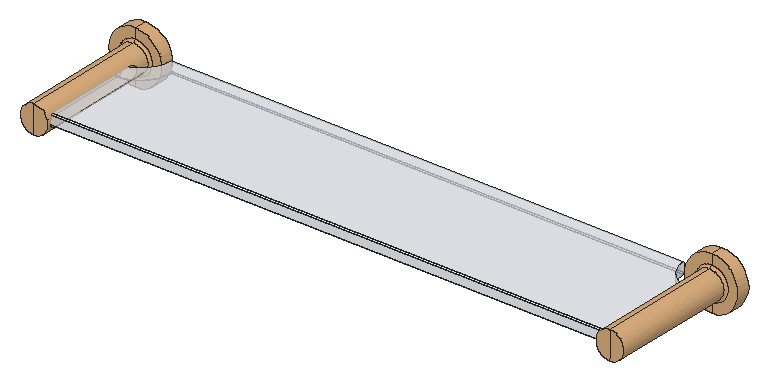
Revit family "Reece_Accessory_Sussex_Scala_Vanity Shelf", category Plumbing Fixtures, Revit 2018
Family settings
  Round Connector Dimension = Use Diameter
  Part Type = Normal
  Work Plane-Based = Yes
  Always vertical = Yes
  Cut with Voids When Loaded = Yes
  Shared = Yes
  Room Calculation Point = Yes
Parameters (values of type "Living Tumbled Brass")
  URL = "https://www.reece.com.au/product/-2285977"
  Type Comments = "Accessory"
  Reece_Product_Web Page = "https://www.reece.com.au/product/-2285977"
  Reece_Product_Type = "Accessory"  # constant formula
  Reece_Product_Sub Brand = "Scala"  # constant formula
  Reece_Product_Number = "2285977"
  Reece_Product_Mount = "Wall Mounted"
  Reece_Product_Description = "Sussex Scala Vanity Shelf Living Tumbled Brass"
  Reece_Product_Brand = "Sussex"  # constant formula
  Reece_Overall_Width = 497 mm  # constant formula
  Reece_Overall_Projection = 110 mm  # constant formula
  Reece_Material_Secondary = Reece_Safety Glass_Transparent
  Reece_Material_Main = Reece_Brass_Living Tumbled
  Reece_Height_From_Level [instance] = 800 mm
  Reece_Fixing_Point_Width = 455 mm
  Reece_Detail_Disclaimer = "THIS FILE IS THE PROPERTY OF THE REECE GROUP. IT MAY NOT BE REPRODUCED, REVERSE-ENGINEERED OR MODIFIED. ANY REPUBLICATION, TRANSMISSION OR DISTRIBUTION FOR THE PURPOSE OF COMMERCIALLY EXPLOITING THE FILES IS PROHIBITED."  # constant formula
  Reece_Detail_Additional = "Vanity Shelf"  # constant formula
  Model = "Scala"
  Manufacturer = "Sussex"
  Keynote = "Product #2285977, Reece_Accessory_Sussex_Scala_Vanity Shelf - Living Tumbled Brass"
  Disclaimer = "THIS FILE IS THE PROPERTY OF THE REECE GROUP. IT MAY NOT BE REPRODUCED, REVERSE-ENGINEERED OR MODIFIED. ANY REPUBLICATION, TRANSMISSION OR DISTRIBUTION FOR THE PURPOSE OF COMMERCIALLY EXPLOITING THE FILES IS PROHIBITED."  # constant formula
  Description = "Scala Vanity Shelf Living Tumbled Brass"
  Default Elevation = 0 mm
Types (3, lengths in mm): name | URL | Reece_Product_Web Page | Reece_Product_Number | Reece_Product_Description | Reece_Material_Main | Keynote | Description
  Living Tumbled Brass | "https://www.reece.com.au/product/-2285977" | "https://www.reece.com.au/product/-2285977" | "2285977" | "Sussex Scala Vanity Shelf Living Tumbled Brass" | Reece_Brass_Living Tumbled | "Product #2285977, Reece_Accessory_Sussex_Scala_Vanity Shelf - Living Tumbled Brass" | "Scala Vanity Shelf Living Tumbled Brass"
  Chrome | "https://www.reece.com.au/product/-2261359" | "https://www.reece.com.au/product/-2261359" | "2261359" | "Sussex Scala Vanity Shelf Chrome" | Reece_Brass_Chrome | "Product #2261359, Reece_Accessory_Sussex_Scala_Vanity Shelf - Chrome" | "Scala Vanity Shelf Chrome"
  Satin Chrome | "https://www.reece.com.au/product/-2261389" | "https://www.reece.com.au/product/-2261389" | "2261389" | "Sussex Scala Vanity Shelf Satin Chrome" | Reece_Brass_Satin Chrome | "Product #2261389, Reece_Accessory_Sussex_Scala_Vanity Shelf - Satin Chrome" | "Scala Vanity Shelf Satin Chrome"
Reference planes
  plane 1 "Center (Front/Back)": y = 0
  plane 2 "Bottom Host Plane": z = -5
  plane 3 "Center (Left/Right)": x = 0
  plane 4 "fixing point": z = 795
  plane 5: y = -110
  plane 6: x = 248.5
  plane 7: x = -248.5
  plane 8: x = -227.5
  plane 9: x = 227.5
  plane 10: z = 806
  plane 11: z = 784
  plane 12: z = 816
  plane 13: z = 774
  plane 14: y = -5
Forms (mm)
  Extrusion 1, void
    sketch origin (0, 0, 995) x (0, 0, 1) y (0, -1, 0)
      loop
        line (-205.5, 102.5) -> (-205.5, 28)
        arc (-205.5, 28) -> (-200, 22.5) -> (-194.5, 28) r 5.5
        line (-194.5, 28) -> (-194.5, 102.5)
        arc (-194.5, 102.5) -> (-200, 108) -> (-205.5, 102.5) r 5.5
    from -227.5 to 227.5
  Extrusion 2, solid, material "Reece_Safety Glass_Transparent" <- "Reece_Material_Secondary"
    sketch origin (0, 0, 0) x (0, 1, 0) y (0, 0, 1)
      loop
        line (-104.3, 798.513) -> (-104.3, 791.487) -> (-103.313, 790.5) -> (-5.887, 790.5) -> (-5, 791.387) -> (-5, 798.613) -> (-5.887, 799.5) -> (-103.313, 799.5) -> (-104.3, 798.513)
    from -227.5 to 227.5
  Extrusion 3, void
    sketch origin (0, 0, 795) x (0, 1, 0) y (-1, 0, 0)
      loop
        circle (-5, 227.5) r 25
      loop
        circle (-5, -227.5) r 25
    from -50 to 50
  Revolve 4, solid, material "Reece_Brass_Living Tumbled" <- "Reece_Material_Main"
    sketch origin (-227.5, 0, 1147) x (0, 1, 0) y (0, 0, -1)
      loop
        line (0, 352) -> (-110, 352) -> (-110, 341) -> (-12, 341)
        arc (-12, 341) -> (-10.586, 340.414) -> (-10, 339) r 2
        line (-10, 339) -> (-10, 331) -> (0, 331) -> (0, 352)
      axis (0, 352) -> (-110, 352)
    angle from 0 to 360
  Revolve 5, solid, material "Reece_Brass_Living Tumbled" <- "Reece_Material_Main"
    sketch origin (227.5, 0, 1147) x (0, 1, 0) y (0, 0, 1)
      loop
        line (0, -352) -> (0, -331) -> (-10, -331) -> (-10, -339)
        arc (-10, -339) -> (-10.586, -340.414) -> (-12, -341) r 2
        line (-12, -341) -> (-110, -341) -> (-110, -352) -> (0, -352)
      axis (0, -352) -> (-110, -352)
    angle from 0 to 360
Cuts and joins
  Extrusion 3 cuts Extrusion 2
  Extrusion 1 cuts Revolve 4
  Extrusion 1 cuts Revolve 5
Lines and regions (mm)
  model lines, style "InvisibleLines"
    curve 1: line (0, 0, -5) -> (0, 0, 795)
Text (mm)
  text "Reece ©" at (2705.892, -2364.683, 2946.237), in view "Reece Preview"
  text "Reece Copyright © 2018, Reece Ltd." at (307.703, -155.782, 0), in view "Ref. Level"
Dimensions and locks
  locked: plane 2 "Bottom Host Plane" to level at 5
  "Reece_Height_From_Level": plane 4 "fixing point" to plane 2 "Bottom Host Plane"
  "Reece_Overall_Projection": plane 1 "Center (Front/Back)" to plane 5
  "Reece_Overall_Width": plane 7 to plane 6
  "Reece_Fixing_Point_Width": plane 9 to plane 8
  plane 10 to plane 11 = 22 mm
  plane 12 to plane 13 = 42 mm
  equal spacing: plane 12, plane 4 "fixing point", plane 13, locked at 21 each
  equal spacing: plane 10, plane 4 "fixing point", plane 11, locked at 11 each
  equal spacing: plane 7, plane 3 "Center (Left/Right)", plane 6
  Extrusion 2 sketch curve to Extrusion 2 sketch curve = 9 mm
  locked: plane 12 to plane 4 "fixing point" at 21
  locked: plane 4 "fixing point" to plane 11 at 11
  aligned and locked: plane 1 "Center (Front/Back)" to curve 1
  aligned and locked: plane 3 "Center (Left/Right)" to curve 1
  aligned and locked: Revolve 4 sketch curve to plane 4 "fixing point"
Automatic sketch dimensions
  curve 1 to plane 2 "Bottom Host Plane" = 0 mm
  curve 1 to plane 4 "fixing point" = 0 mm
  Extrusion 1 sketch curve to plane 4 "fixing point" = 0 mm
  Extrusion 1 sketch curve to plane 4 "fixing point" = 5.5 mm
  plane 14 to Extrusion 1 sketch curve = 23 mm
  plane 5 to Extrusion 1 sketch curve = 7.5 mm
  Extrusion 2 sketch curve to plane 14 = 0 mm
  plane 14 to Extrusion 2 sketch curve = 0.887 mm  (x2)
  plane 5 to Extrusion 2 sketch curve = 6.687 mm  (x2)
  Extrusion 2 sketch curve to Extrusion 2 sketch curve = 0.987 mm  (x3)
  Extrusion 2 sketch curve to plane 4 "fixing point" = 4.5 mm
  Extrusion 2 sketch curve to Extrusion 2 sketch curve = 0.887 mm  (x2)
  Extrusion 3 sketch curve to plane 9 = 0 mm
  plane 14 to Extrusion 3 sketch curve = 0 mm  (x2)
  Extrusion 3 sketch curve to plane 8 = 0 mm
  plane 4 "fixing point" to Revolve 4 sketch curve = 0 mm
  Revolve 4 sketch curve to plane 5 = 0 mm
  Revolve 4 sketch curve to plane 10 = 0 mm
  Revolve 4 sketch curve to plane 12 = 0 mm
  Revolve 4 sketch curve to plane 1 "Center (Front/Back)" = 0 mm
  plane 10 to Revolve 4 sketch curve = 2 mm
  plane 14 to Revolve 4 sketch curve = 7 mm
  Revolve 4 sketch curve to Revolve 4 sketch curve = 43 mm
  plane 14 to Revolve 4 sketch curve = 10 mm
  Revolve 5 sketch curve to plane 4 "fixing point" = 0 mm  (x2)
  Revolve 5 sketch curve to plane 5 = 0 mm
  Revolve 5 sketch curve to plane 10 = 0 mm
  Revolve 5 sketch curve to plane 12 = 0 mm
  Revolve 5 sketch curve to plane 1 "Center (Front/Back)" = 0 mm
  plane 10 to Revolve 5 sketch curve = 2 mm
  plane 14 to Revolve 5 sketch curve = 7 mm
  Revolve 5 sketch curve to Revolve 5 sketch curve = 43 mm
  plane 14 to Revolve 5 sketch curve = 10 mm
  radius of Extrusion 3 sketch curve = 25 mm  (x2)
